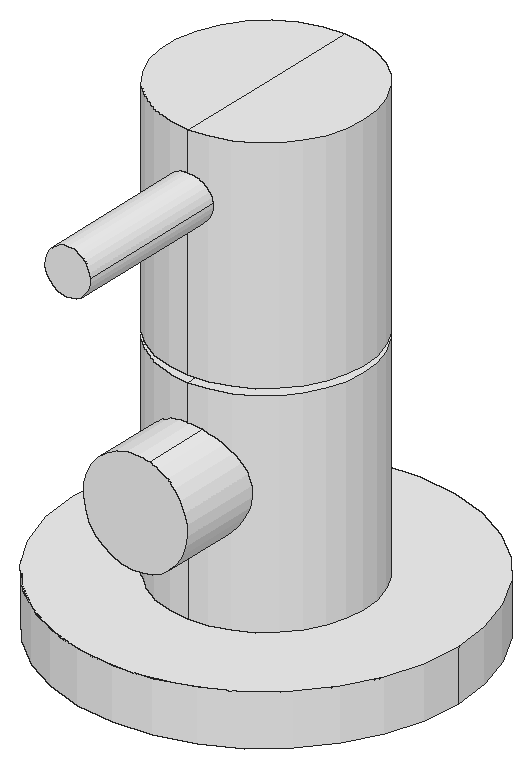
Revit family "Tap-IntervalTap-Vitra-OtherSeries-A45214", category Plumbing Fixtures, host Face, Revit 2017
Family settings
  Host = Face
  Round Connector Dimension = Use Diameter
  Part Type = Normal
  OmniClass Number = 23.45.55.17
  OmniClass Title = Mixing Faucets
  Cut with Voids When Loaded = No
  Shared = Yes
  Room Calculation Point = No
Parameters (values of type "Tap-IntervalTap-Vitra-OtherSeries-A45214EKM")
  Youtube = "https://www.youtube.com/user/VitrAglobal"
  Weight Net (kg) = "0.15"
  Waste Connection = no
  Warranty Period (Year) = "10 Years"
  Vent Connection = no
  Uniformat II Description = "Plumbing Fixture"
  Uniformat II Code = "22 40 00"
  Uniclass 2015 Name = "Bath taps"
  Uniclass 2015 Code = "Pr_40_20_87_09"
  Uniclass 2.0 Description = "Bathing Fittings"
  Uniclass 2.0 Code = "PR-31-06"
  Uniclass 1.4 Description = "Taps"
  Uniclass 1.4 Code = "L725111"
  URL = "https://vitraglobal.com/"
  UNSPSC Description = "Plumbing fixtures"
  UNSPSC Code = "3018"
  Type Comments = ""
  Test Pressure = "16 bar"
  Technical description = "https://www.vitra-bad.fr/"
  Tap hole Options (default) = ""
  Specification = ""
  Region South America = "All"
  Region Oceania = "All"
  Region North America = "All"
  Region Middle East = "All"
  Region Europe = "All"
  Region Asia = "All"
  Region Antarctica = "All"
  Region Africa = "All"
  Range of flow pressure = "1 - 5 bar"
  Range of Hot Water Supply = "5 - 65 °C"
  Product url = "https://www.vitra-bad.fr/"
  Product manual = ""
  Product group = "Angle Stop Valve"
  Product family = "Other"
  Product data url = ""
  Product certification = "https://www.vitraglobal.com/brochures/"
  Product Type = "Angle Stop Valve"
  Product SKU = "A45214EKM"
  Product Properties = "Energy Saving"
  Product Guid = ""
  OmniClass Description = "Mixing Valves"
  OmniClass Code = "23-27 31 29"
  Number Of Connections = "1"
  Nominal Width (mm) = 60 mm
  Nominal Height (mm) = 68 mm
  Nominal Depth (mm) = 75 mm
  NBS Referans Description = "Bathing Fittings"
  NBS Referans Code = "31-06"
  Mounting type = "Wall Mounted - Pipe Connect"
  Model = "A45214EKM"
  Min. flow pressure of = "0.5 bar"
  Masterformat 2014 Description = "Plumbing Fixtures"
  Masterformat 2014 Code = "22 40 00"
  Manufacturer name = "Vitra"
  Manufacturer = "Vitra"
  Main Material = "Brass"
  Installation instructions = ""
  IFC Classification = "Sanitary Terminal"
  Hot Water temperature, factory set to = "38 °C"
  Hot Water Supply (max.) = "80 °C"
  Help = ""
  HW Connection = yes
  GTIP code = ""
  Flow Rate(L/min. - 3 bar) = ""
  Features = ""
  EAN code = ""
  Design country = "Turkey"
  Description = "Interval Tap"
  Default Elevation = 850 mm
  Connection Diameter (mm) = 15 mm
  Color = "Chrome"
  Coating Material = Chrome
  Calculated flow = ""
  CW Connection = yes
  COBIe Type Category = ""
  Brand = "VitrA"
  BIMobject category = "Sanitary - Taps & Mixers"
  Article No. (default) = "A45214EKM"
  Approvals = ""
  ApplicationType = ""
  Accessories (default) = ""
Types (12, lengths in mm): name | Technical description | Product url | Product SKU | Model | Color | Coating Material | Brand | Article No. (default)
  Tap-IntervalTap-Vitra-OtherSeries-A45214 | "https://www.vitra.com.tr/pdf/A45214/" | "https://www.vitra.com.tr/armaturler/musluklar/ara-musluklar/ara-musluk-sku-A45214/" | "A45214" | "A45214" | "Chrome" | Chrome | "Artema" | "A45214"
  Tap-IntervalTap-Vitra-OtherSeries-A4521426 | "https://www.vitra.com.tr/pdf/A4521426/" | "https://www.vitra.com.tr/armaturler/musluklar/ara-musluklar/ara-musluk-sku-A4521426/" | "A4521426" | "A4521426" | "Copper" | BrightCopper | "Artema" | "A4521426"
  Tap-IntervalTap-Vitra-OtherSeries-A4521434 | "https://www.vitra.com.tr/pdf/A4521434/" | "https://www.vitra.com.tr/armaturler/musluklar/ara-musluklar/ara-musluk-sku-A4521434/" | "A4521434" | "A4521434" | "Brushed Nickel" | Brushed Nickel | "Artema" | "A4521434"
  Tap-IntervalTap-Vitra-OtherSeries-A4521436 | "https://www.vitra.com.tr/pdf/A4521436/" | "https://www.vitra.com.tr/armaturler/musluklar/ara-musluklar/ara-musluk-sku-A4521436/" | "A4521436" | "A4521436" | "Matte Black" | Matte Black | "Artema" | "A4521436"
  Tap-IntervalTap-Vitra-OtherSeries-A4521423 | "https://www.vitra.com.tr/" | "https://www.vitra.com.tr/" | "A4521423" | "A4521423" | "Gold" | Gold | "Artema" | "A4521423"
  Tap-IntervalTap-Vitra-OtherSeries-A4521423IND | "https://www.vitra-india.com/taps-mixers/brassware/intermediate-brassware/interval-tap-sku-A4521423IND/" | "https://www.vitra-india.com/taps-mixers/brassware/intermediate-brassware/interval-tap-sku-A4521423IND/" | "A4521423IND" | "A4521423IND" | "Gold" | Gold | "VitrA" | "A4521423IND"
  Tap-IntervalTap-Vitra-OtherSeries-A4521434IND | "https://www.vitra-india.com/taps-mixers/brassware/intermediate-brassware/interval-tap-sku-A4521434IND/" | "https://www.vitra-india.com/taps-mixers/brassware/intermediate-brassware/interval-tap-sku-A4521434IND/" | "A4521434IND" | "A4521434IND" | "Brushed Nickel" | Brushed Nickel | "VitrA" | "A4521434IND"
  Tap-IntervalTap-Vitra-OtherSeries-A4521426IND | "https://www.vitra-india.com/taps-mixers/brassware/intermediate-brassware/interval-tap-sku-A4521426IND/" | "https://www.vitra-india.com/taps-mixers/brassware/intermediate-brassware/interval-tap-sku-A4521426IND/" | "A4521426IND" | "A4521426IND" | "Copper" | BrightCopper | "VitrA" | "A4521426IND"
  Tap-IntervalTap-Vitra-OtherSeries-A4521436IND | "https://www.vitra-india.com/taps-mixers/brassware/intermediate-brassware/interval-tap-sku-A4521436IND/" | "https://www.vitra-india.com/taps-mixers/brassware/intermediate-brassware/interval-tap-sku-A4521436IND/" | "A4521436IND" | "A4521436IND" | "Matte Black" | Matte Black | "VitrA" | "A4521436IND"
  Tap-IntervalTap-Vitra-OtherSeries-A45214EXP | "https://www.vitraglobal.com/pdf/A45214/" | "https://www.vitraglobal.com/taps-mixers/brassware/intermediate-brassware/interval-taps-interval-tap-sku-A45214/" | "A45214EXP" | "A45214EXP" | "Chrome" | Chrome | "VitrA" | "A45214EXP"
  Tap-IntervalTap-Vitra-OtherSeries-A45214IND | "https://www.vitra-india.com/arama/hizliErisim.aspx?tip=U&lang=en-IN&srt=&text=45214" | "https://www.vitra-india.com/arama/hizliErisim.aspx?tip=U&lang=en-IN&srt=&text=45214" | "A45214IND" | "A45214IND" | "Chrome" | Chrome | "VitrA" | "A45214IND"
  Tap-IntervalTap-Vitra-OtherSeries-A45214EKM | "https://www.vitra-bad.fr/" | "https://www.vitra-bad.fr/" | "A45214EKM" | "A45214EKM" | "Chrome" | Chrome | "VitrA" | "A45214EKM"
Reference planes
  plane 1 "Center (Front/Back)": y = 0
  plane 2: z = 0
  plane 3 "Center (Left/Right)": x = 0
  plane 4: z = 75
  plane 5: y = -37.558
  plane 6: y = 30.442
  plane 7: x = 30
  plane 8: x = -30
Forms (mm)
  Revolve 1, solid, material "Chrome" <- "Coating Material", detail levels fine
    sketch origin (0, 0, 0) x (0, 1, 0) y (0, 0, 1)
      loop
        line (0, 75) -> (0, 7.8) -> (15, 7.8) -> (15, 40.3) -> (11.806, 40.3) -> (11.806, 41.3) -> (15, 41.3) -> (15, 75) -> (0, 75)
      axis (0, 7.8) -> (0, 75)
    angle from 0 to 360
  Extrusion 2, solid, material "Chrome" <- "Coating Material", detail levels fine
    sketch origin (0, -38, 68.72) x (0, 0, -1) y (1, 0, 0)
      loop
        circle (3.12, 0) r 3.5
    from 0 to -38
  Extrusion 3, solid, material "Chrome" <- "Coating Material", detail levels fine
    sketch origin (-7.624, -25, 26.8) x (0, 0, -1) y (1, 0, 0)
      loop
        circle (0, 7.624) r 8
    from 0 to -25
  Extrusion 4, solid, material "Chrome" <- "Coating Material", detail levels fine
    sketch origin (0, 0, 0) x (1, 0, 0) y (0, 1, 0)
      loop
        circle (0, 0) r 29.5
    from 0 to 7.8
  Extrusion 5, solid, detail levels medium
    sketch origin (0, 0, 0) x (1, 0, 0) y (0, 1, 0)
      loop
        circle (0, 0) r 30
    from 0 to 7.8
  Extrusion 6, solid, detail levels medium
    sketch origin (0, 0, 0) x (1, 0, 0) y (0, 1, 0)
      loop
        circle (0, 0) r 15
    from 0 to 75
  Extrusion 7, solid, detail levels medium
    sketch origin (0, -38, 68.72) x (0, 0, -1) y (1, 0, 0)
      loop
        circle (3.12, 0) r 3.5
    from 0 to -38
  Extrusion 8, solid, detail levels medium
    sketch origin (-7.624, -25, 26.8) x (0, 0, -1) y (1, 0, 0)
      loop
        circle (0, 7.624) r 8
    from 0 to -25
  Extrusion 9, solid, detail levels coarse
    sketch origin (0, 0, 0) x (1, 0, 0) y (0, 1, 0)
      loop
        circle (0.003, 0) r 29.497
    from 0 to 75
Cuts and joins
  joined: Revolve 1, Extrusion 2, Extrusion 3, Extrusion 4
Dimensions and locks
  "Nominal Depth (mm)": plane 4 to host face
  "Nominal Width (mm)": plane 8 to plane 7
  "Nominal Height (mm)": plane 6 to plane 5
  aligned and locked: plane 2 to host face
  aligned and locked: level to host face
Automatic sketch dimensions
  host sketch curve to host sketch curve = 2438.4 mm  (x2)
  Revolve 1 sketch curve to plane 1 "Center (Front/Back)" = 0 mm  (x2)
  Revolve 1 sketch curve to plane 4 = 0 mm
  Revolve 1 sketch curve to plane 1 "Center (Front/Back)" = 11.806 mm
  level to Revolve 1 sketch curve = 7.8 mm
  Revolve 1 sketch curve to plane 1 "Center (Front/Back)" = 15 mm
  Revolve 1 sketch curve to Revolve 1 sketch curve = 15 mm
  Revolve 1 sketch curve to Revolve 1 sketch curve = 32.5 mm
  Revolve 1 sketch curve to Revolve 1 sketch curve = 1 mm
  Revolve 1 sketch curve to Revolve 1 sketch curve = 8.7 mm
  Revolve 1 sketch curve to Revolve 1 sketch curve = 10 mm
  Extrusion 2 sketch curve to Extrusion 2 sketch curve = 0 mm  (x2)
  Extrusion 2 sketch curve to plane 3 "Center (Left/Right)" = 0 mm
  Extrusion 2 sketch curve to plane 4 = 9.4 mm
  Extrusion 2 sketch curve to Extrusion 2 sketch curve = 0.22 mm  (x2)
  Extrusion 2 sketch curve to plane 3 "Center (Left/Right)" = 3.493 mm
  Extrusion 3 sketch curve to Extrusion 3 sketch curve = 0 mm  (x2)
  Extrusion 3 sketch curve to plane 3 "Center (Left/Right)" = 0 mm
  level to Extrusion 3 sketch curve = 26.8 mm
  plane 3 "Center (Left/Right)" to Extrusion 3 sketch curve = 2.078 mm
  Extrusion 3 sketch curve to Extrusion 3 sketch curve = 7.725 mm
  Extrusion 3 sketch curve to plane 3 "Center (Left/Right)" = 2.078 mm
  plane 1 "Center (Front/Back)" to Extrusion 4 sketch curve = 0 mm
  Extrusion 4 sketch curve to plane 3 "Center (Left/Right)" = 0 mm
  plane 1 "Center (Front/Back)" to Extrusion 5 sketch curve = 0 mm
  Extrusion 5 sketch curve to plane 3 "Center (Left/Right)" = 0 mm
  plane 1 "Center (Front/Back)" to Extrusion 6 sketch curve = 0 mm
  Extrusion 6 sketch curve to plane 3 "Center (Left/Right)" = 0 mm
  Extrusion 7 sketch curve to Extrusion 7 sketch curve = 0 mm
  Extrusion 7 sketch curve to Extrusion 7 sketch curve = 0.22 mm  (x2)
  Extrusion 8 sketch curve to Extrusion 8 sketch curve = 0 mm
  Extrusion 8 sketch curve to Extrusion 8 sketch curve = 7.725 mm  (x2)
  plane 1 "Center (Front/Back)" to Extrusion 9 sketch curve = 0 mm
  plane 3 "Center (Left/Right)" to Extrusion 9 sketch curve = 0.003 mm
  radius of Extrusion 4 sketch curve = 29.5 mm
  radius of Extrusion 5 sketch curve = 30 mm
  radius of Extrusion 6 sketch curve = 15 mm
  radius of Extrusion 7 sketch curve to Extrusion 2 = 0 mm
  radius of Extrusion 8 sketch curve to Extrusion 3 = 0 mm
  radius of Extrusion 9 sketch curve = 29.497 mm
Connectors
  piping at (0, 0, 0), diameter 15, driven by "Connection Diameter (mm)"
    settings: on Extrusion 4, index 1, connector inside diameter 609.6 mm, connector length 0 mm, flow factor 0, pipe flow 0.0 L/s, pressure drop 0.0 Pa, fitting loss kfactor 0, connector angle 0.00°, fixture units 0, engagement length 0 mm, angle of deflection 0.00°, flow configuration 0, flow direction 1, fitting loss method 0, system type 22, joint type 0, gender type 0, connector reference index -1, connector utility 0, adjustable connector no, is connector primary yes, connector description ""
